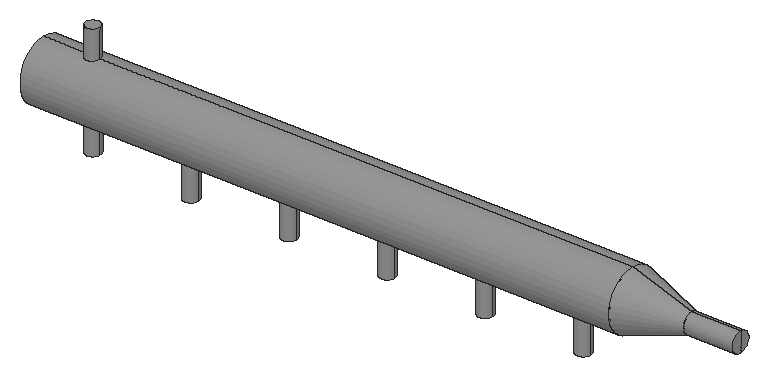
Revit family "Алсель_Коллектора_Стальные", category Соединительные детали трубопроводов, Revit 2016
Family settings
  Тип детали = Мультипорт
  Размер круглого соединителя = Использовать диаметр
  На основе рабочей плоскости = Да
  Всегда вертикально = Нет
  При загрузке вырезать с полостями = Нет
  Общий = Нет
Parameters (values of type "Коллектор стальной Ду50х3/4 нр+5 вых 1/2 нр")
  Default Elevation = 1500 mm
  Количество_Выходов = 5
  ДлинаБоковыхПатрубков = 58 mm
  Длина_Выходов = 65 mm  # constant formula
  L_ДлинаРезьбы = 15 mm
  L2_ДлинаОголовка = 50 mm  # constant formula
  L2_L1 = L2_ДлинаОголовка + 60 mm  # 110 mm
  G'_Диаметр_Выходов = 15 mm  # constant formula
  Выход_9 = if(Количество_Выходов > 8.9, 800 mm, 0 mm)  # 0 mm
  Выход_8 = if(Количество_Выходов > 7.9, 700 mm, 0 mm)  # 0 mm
  Выход_7 = if(Количество_Выходов > 6.9, 600 mm, 0 mm)  # 0 mm
  Выход_6 = if(Количество_Выходов > 5.9, 500 mm, 0 mm)  # 0 mm
  Выход_5 = if(Количество_Выходов > 4.9, 400 mm, 0 mm)  # 400 mm
  Выход_4 = if(Количество_Выходов > 3.9, 300 mm, 0 mm)  # 300 mm
  Выход_3 = if(Количество_Выходов > 2.9, 200 mm, 0 mm)  # 200 mm
  Выход_2 = if(Количество_Выходов > 1.9, 100 mm, 0 mm)  # 100 mm
  Выход_13 = if(Количество_Выходов > 12.9, 1200 mm, 0 mm)  # 0 mm
  Выход_12 = if(Количество_Выходов > 11.9, 1100 mm, 0 mm)  # 0 mm
  Выход_11 = if(Количество_Выходов > 10.9, 1000 mm, 0 mm)  # 0 mm
  Выход_10 = if(Количество_Выходов > 9.9, 900 mm, 0 mm)  # 0 mm
  L_Длина_Коллектора = if(Количество_Выходов = 1, 410 mm, if(Количество_Выходов = 2, 410 mm, if(Количество_Выходов = 3, 510 mm, if(Количество_Выходов = 4, 610 mm, if(Количество_Выходов = 5, 710 mm, if(Количество_Выходов = 6, 810 mm, if(Количество_Выходов = 7, 910 mm, if(Количество_Выходов = 8, 1010 mm, if(Количество_Выходов = 9, 1110 mm, if(Количество_Выходов = 10, 1210 mm, if(Количество_Выходов = 11, 1310 mm, if(Количество_Выходов = 12, 1410 mm, if(Количество_Выходов = 13, 1510 mm, 0 mm)))))))))))))  # 710 mm
  G_Диаметр_Входа = 20 mm
  F_Диаметр_Коннектора = 15 mm
  F_DY_БоковыхПатрубков = G'_Диаметр_Выходов  # 15 mm
  D_Диаметр_Коллектора = if(ADSK_Диаметр условный = 32 mm, 42.3 mm, if(ADSK_Диаметр условный = 40 mm, 48 mm, if(ADSK_Диаметр условный = 50 mm, 60 mm, 0 mm)))  # 60 mm
  C_Шаг_Выходов = 100 mm  # constant formula
  B_Патрубки = 50 mm
  ADSK_Страна производства = "AHLSELL_PEX – Испания, Китай"  # constant formula
  ADSK_Обозначение = ""
  ADSK_Наименование = "Коллектор стальной Ду50х3/4 нр+5 вых 1/2 нр"
  ADSK_Масса_Текст = ""
  ADSK_Код изделия = "AHL50х34-5вых"
  ADSK_Завод-изготовитель = "Алсель"  # constant formula
  ADSK_Единица измерения = "шт."  # constant formula
  ADSK_Диаметр условный = 50 mm
  ADSK_URL страницы изделия = "http://www.ahlsell.ru/"
Reference planes
  plane 1 "По центру (Вперед/Назад)": y = 0
  plane 2: z = 0
  plane 3 "По центру (Влево/Вправо)": x = 0
  plane 4: x = 710
  plane 5 "1": x = 150
  plane 6 "2": x = 250
  plane 7 "3": x = 350
  plane 8 "4": x = 450
  plane 9 "5": x = 550
  plane 10 "6": x = 150
  plane 11 "7": x = 150
  plane 12 "8": x = 150
  plane 13 "9": x = 150
  plane 14: z = 10
  plane 15: z = -10
  plane 16: z = 30
  plane 17: z = -30
  plane 18: x = 157.5
  plane 19: x = 142.5
  plane 20 "10": x = 150
  plane 21 "11": x = 150
  plane 22 "12": x = 150
  plane 23 "13": x = 150
  plane 24 "Начало Выходов": z = -65
  plane 25: x = 50
  plane 26: z = 58
  plane 27: z = -58
  plane 28: z = 43
  plane 29: z = -43
Forms (mm)
  Revolve 1, solid, material "Сталь"
    sketch origin (0, 0, 0) x (1, 0, 0) y (0, 0, 1)
      loop
        line (0, 30) -> (0, 0) -> (710, 0) -> (710, 10) -> (660, 10) -> (600, 30) -> (0, 30)
      axis (0, 0) -> (710, 0)
    angle from 0 to 360
  Extrusion 2, solid, material "Сталь"
    sketch origin (50, 0, 0) x (1, 0, 0) y (0, 1, 0)
      loop
        circle (0, 0) r 7.5
    from -58 to 58
  Extrusion 3, solid, material "Сталь"
    sketch origin (0, 0, -65) x (-1, 0, 0) y (0, -1, 0)
      loop
        circle (-150, 0) r 7.5
    from 0 to 65 <- "Длина_Выходов"
  Extrusion 4, solid, material "Сталь"
    sketch origin (0, 0, -65) x (-1, 0, 0) y (0, -1, 0)
      loop
        circle (-250, 0) r 7.5
    from 0 to 65 <- "Длина_Выходов"
  Extrusion 5, solid, material "Сталь"
    sketch origin (0, 0, -65) x (-1, 0, 0) y (0, -1, 0)
      loop
        circle (-150, 0) r 7.5
    from 0 to 65 <- "Длина_Выходов"
  Extrusion 6, solid, material "Сталь"
    sketch origin (0, 0, -65) x (-1, 0, 0) y (0, -1, 0)
      loop
        circle (-150, 0) r 7.5
    from 0 to 65 <- "Длина_Выходов"
  Extrusion 7, solid, material "Сталь"
    sketch origin (0, 0, -65) x (-1, 0, 0) y (0, -1, 0)
      loop
        circle (-450, 0) r 7.5
    from 0 to 65 <- "Длина_Выходов"
  Extrusion 8, solid, material "Сталь"
    sketch origin (0, 0, -65) x (-1, 0, 0) y (0, -1, 0)
      loop
        circle (-350, 0) r 7.5
    from 0 to 65 <- "Длина_Выходов"
  Extrusion 9, solid, material "Сталь"
    sketch origin (0, 0, -65) x (-1, 0, 0) y (0, -1, 0)
      loop
        circle (-150, 0) r 7.5
    from 0 to 65 <- "Длина_Выходов"
  Extrusion 10, solid, material "Сталь"
    sketch origin (0, 0, -65) x (-1, 0, 0) y (0, -1, 0)
      loop
        circle (-550, 0) r 7.5
    from 0 to 65 <- "Длина_Выходов"
  Extrusion 11, solid, material "Сталь"
    sketch origin (0, 0, -65) x (-1, 0, 0) y (0, -1, 0)
      loop
        circle (-150, 0) r 7.5
    from 0 to 65 <- "Длина_Выходов"
  Extrusion 12, solid, material "Сталь"
    sketch origin (0, 0, -65) x (-1, 0, 0) y (0, -1, 0)
      loop
        circle (-150, 0) r 7.5
    from 0 to 65 <- "Длина_Выходов"
  Extrusion 13, solid, material "Сталь"
    sketch origin (0, 0, -65) x (-1, 0, 0) y (0, -1, 0)
      loop
        circle (-150, 0) r 7.5
    from 0 to 65 <- "Длина_Выходов"
  Extrusion 14, solid, material "Сталь"
    sketch origin (0, 0, -65) x (-1, 0, 0) y (0, -1, 0)
      loop
        circle (-150, 0) r 7.5
    from 0 to 65 <- "Длина_Выходов"
  Extrusion 15, solid, material "Сталь"
    sketch origin (0, 0, -65) x (-1, 0, 0) y (0, -1, 0)
      loop
        circle (-150, 0) r 7.5
    from 0 to 65 <- "Длина_Выходов"
  Extrusion 16, solid, material "Сталь", not visible
    sketch origin (50, 0, 0) x (1, 0, 0) y (0, 1, 0)
      loop
        circle (0, 0) r 7.5
    from -43 to 43
Cuts and joins
  joined: Revolve 1, Extrusion 2, Extrusion 3, Extrusion 4, Extrusion 5, Extrusion 6, Extrusion 7, Extrusion 8, Extrusion 9, Extrusion 10, Extrusion 11, Extrusion 12, Extrusion 13, Extrusion 14, Extrusion 15
Dimensions and locks
  equal spacing: plane 16, level, plane 17
  "D_Диаметр_Коллектора": plane 16 to plane 17
  equal spacing: plane 14, level, plane 15
  "G_Диаметр_Входа": plane 14 to plane 15
  "L_Длина_Коллектора": plane 4 to plane 3 "По центру (Влево/Вправо)"
  "C_Шаг_Выходов": plane 5 "1" to plane 25
  equal spacing: plane 19, plane 5 "1", plane 18
  "G'_Диаметр_Выходов": plane 19 to plane 18
  "Выход_2": plane 6 "2" to plane 5 "1"
  "Выход_3": plane 7 "3" to plane 5 "1"
  "Выход_4": plane 8 "4" to plane 5 "1"
  "Выход_5": plane 9 "5" to plane 5 "1"
  "Выход_6": plane 10 "6" to plane 5 "1"
  "Выход_7": plane 11 "7" to plane 5 "1"
  "Выход_8": plane 12 "8" to plane 5 "1"
  "Выход_9": plane 13 "9" to plane 5 "1"
  "Выход_10": plane 20 "10" to plane 5 "1"
  "Выход_11": plane 21 "11" to plane 5 "1"
  "Выход_12": plane 22 "12" to plane 5 "1"
  "Выход_13": plane 23 "13" to plane 5 "1"
  "Длина_Выходов": level to plane 24 "Начало Выходов"
  "B_Патрубки": plane 3 "По центру (Влево/Вправо)" to plane 25
  equal spacing: plane 27, level, plane 26
  "L_ДлинаРезьбы": plane 28 to plane 26
  "L_ДлинаРезьбы": plane 27 to plane 29
  "ДлинаБоковыхПатрубков": plane 27 to level
  "L2_ДлинаОголовка": plane 4 to Revolve 1 sketch curve
  "L2_L1": plane 4 to Revolve 1 sketch curve
  "F_Диаметр_Коннектора": diameter of Extrusion 2 sketch curve
  "G'_Диаметр_Выходов": diameter of Extrusion 3 sketch curve
  "G'_Диаметр_Выходов": diameter of Extrusion 4 sketch curve
  "G'_Диаметр_Выходов": diameter of Extrusion 5 sketch curve
  "G'_Диаметр_Выходов": diameter of Extrusion 6 sketch curve
  "G'_Диаметр_Выходов": diameter of Extrusion 7 sketch curve
  "G'_Диаметр_Выходов": diameter of Extrusion 8 sketch curve
  "G'_Диаметр_Выходов": diameter of Extrusion 9 sketch curve
  "G'_Диаметр_Выходов": diameter of Extrusion 10 sketch curve
  "G'_Диаметр_Выходов": diameter of Extrusion 11 sketch curve
  "G'_Диаметр_Выходов": diameter of Extrusion 12 sketch curve
  "G'_Диаметр_Выходов": diameter of Extrusion 13 sketch curve
  "G'_Диаметр_Выходов": diameter of Extrusion 14 sketch curve
  "G'_Диаметр_Выходов": diameter of Extrusion 15 sketch curve
  "F_Диаметр_Коннектора": diameter of Extrusion 16 sketch curve
  aligned and locked: level to plane 2
  aligned and locked: plane 16 to Revolve 1 sketch curve
  aligned and locked: plane 2 to Revolve 1 sketch curve
  aligned and locked: plane 4 to Revolve 1 sketch curve
  aligned and locked: Revolve 1 sketch curve to plane 14
  aligned and locked: Revolve 1 sketch curve to plane 2
  aligned and locked: plane 11 "7" to Extrusion 3 sketch curve
  aligned and locked: plane 1 "По центру (Вперед/Назад)" to Extrusion 3 sketch curve
  aligned and locked: plane 12 "8" to Extrusion 9 sketch curve
  aligned and locked: plane 13 "9" to Extrusion 15 sketch curve
  aligned and locked: plane 20 "10" to Extrusion 13 sketch curve
  aligned and locked: plane 21 "11" to Extrusion 14 sketch curve
  aligned and locked: plane 22 "12" to Extrusion 12 sketch curve
  aligned and locked: plane 23 "13" to Extrusion 11 sketch curve
  aligned and locked: plane 10 "6" to Extrusion 5 sketch curve
  aligned and locked: plane 9 "5" to Extrusion 10 sketch curve
  aligned and locked: plane 8 "4" to Extrusion 7 sketch curve
  aligned and locked: plane 7 "3" to Extrusion 8 sketch curve
  aligned and locked: Revolve 1 sketch curve to plane 3 "По центру (Влево/Вправо)"
  aligned and locked: plane 28 to Extrusion 16
  aligned and locked: Extrusion 16 to plane 29
  aligned and locked: Extrusion 2 to plane 27
  aligned and locked: plane 26 to Extrusion 2
Automatic sketch dimensions
  Revolve 1 sketch curve to plane 3 "По центру (Влево/Вправо)" = 95 mm
  Revolve 1 sketch curve to Revolve 1 sketch curve = 145.665 mm
  plane 1 "По центру (Вперед/Назад)" to Extrusion 2 sketch curve = 0 mm
  Extrusion 2 sketch curve to plane 25 = 0 mm
  plane 1 "По центру (Вперед/Назад)" to Extrusion 4 sketch curve = 0 mm
  Extrusion 4 sketch curve to plane 6 "2" = 0 mm
  plane 1 "По центру (Вперед/Назад)" to Extrusion 5 sketch curve = 0 mm
  plane 1 "По центру (Вперед/Назад)" to Extrusion 6 sketch curve = 0 mm
  Extrusion 6 sketch curve to plane 5 "1" = 0 mm
  plane 1 "По центру (Вперед/Назад)" to Extrusion 7 sketch curve = 0 mm
  plane 1 "По центру (Вперед/Назад)" to Extrusion 8 sketch curve = 0 mm
  plane 1 "По центру (Вперед/Назад)" to Extrusion 9 sketch curve = 0 mm
  plane 1 "По центру (Вперед/Назад)" to Extrusion 10 sketch curve = 0 mm
  plane 1 "По центру (Вперед/Назад)" to Extrusion 11 sketch curve = 0 mm
  plane 1 "По центру (Вперед/Назад)" to Extrusion 12 sketch curve = 0 mm
  plane 1 "По центру (Вперед/Назад)" to Extrusion 13 sketch curve = 0 mm
  plane 1 "По центру (Вперед/Назад)" to Extrusion 14 sketch curve = 0 mm
  plane 1 "По центру (Вперед/Назад)" to Extrusion 15 sketch curve = 0 mm
  plane 1 "По центру (Вперед/Назад)" to Extrusion 16 sketch curve = 0 mm
  Extrusion 16 sketch curve to plane 25 = 0 mm
Connectors
  piping at (150, 0, -65), diameter 15, driven by "G'_Диаметр_Выходов"
    settings: on cut or joined group 1 (Revolve 1, Extrusion 2, Extrusion 3, Extrusion 4, Extrusion 5, Extrusion 6, Extrusion 7, Extrusion 8, Extrusion 9, Extrusion 10, Extrusion 11, Extrusion 12, Extrusion 13, Extrusion 14, Extrusion 15), index 1, connector inside diameter 609.6 mm, connector length 0 mm, flow factor 0, pipe flow 0.0 L/s, pressure drop 0.0 Pa, fitting loss kfactor 0, connector angle 0.00°, fixture units 0, engagement length 0 mm, angle of deflection 0.00°, flow configuration 0, flow direction 0, fitting loss method 0, system type 28, joint type 0, gender type 0, connector reference index -1, connector utility 0, adjustable connector no, is connector primary yes, connector description ""
  piping at (250, 0, -65), diameter 15, driven by "G'_Диаметр_Выходов"
    settings: on cut or joined group 1, index 2, connector inside diameter 609.6 mm, connector length 0 mm, flow factor 0, pipe flow 0.0 L/s, pressure drop 0.0 Pa, fitting loss kfactor 0, connector angle 0.00°, fixture units 0, engagement length 0 mm, angle of deflection 0.00°, flow configuration 0, flow direction 0, fitting loss method 0, system type 28, joint type 0, gender type 0, connector reference index -1, connector utility 0, adjustable connector no, is connector primary no, connector description ""
  piping at (150, 0, -65), diameter 15, driven by "G'_Диаметр_Выходов"
    settings: on cut or joined group 1, index 3, connector inside diameter 609.6 mm, connector length 0 mm, flow factor 0, pipe flow 0.0 L/s, pressure drop 0.0 Pa, fitting loss kfactor 0, connector angle 0.00°, fixture units 0, engagement length 0 mm, angle of deflection 0.00°, flow configuration 0, flow direction 0, fitting loss method 0, system type 28, joint type 0, gender type 0, connector reference index -1, connector utility 0, adjustable connector no, is connector primary no, connector description ""
  piping at (150, 0, -65), diameter 15, driven by "G'_Диаметр_Выходов"
    settings: on cut or joined group 1, index 4, connector inside diameter 609.6 mm, connector length 0 mm, flow factor 0, pipe flow 0.0 L/s, pressure drop 0.0 Pa, fitting loss kfactor 0, connector angle 0.00°, fixture units 0, engagement length 0 mm, angle of deflection 0.00°, flow configuration 0, flow direction 0, fitting loss method 0, system type 29, joint type 0, gender type 0, connector reference index -1, connector utility 0, adjustable connector no, is connector primary no, connector description ""
  piping at (450, 0, -65), diameter 15, driven by "G'_Диаметр_Выходов"
    settings: on cut or joined group 1, index 5, connector inside diameter 609.6 mm, connector length 0 mm, flow factor 0, pipe flow 0.0 L/s, pressure drop 0.0 Pa, fitting loss kfactor 0, connector angle 0.00°, fixture units 0, engagement length 0 mm, angle of deflection 0.00°, flow configuration 0, flow direction 0, fitting loss method 0, system type 28, joint type 0, gender type 0, connector reference index -1, connector utility 0, adjustable connector no, is connector primary no, connector description ""
  piping at (350, 0, -65), diameter 15, driven by "G'_Диаметр_Выходов"
    settings: on cut or joined group 1, index 6, connector inside diameter 609.6 mm, connector length 0 mm, flow factor 0, pipe flow 0.0 L/s, pressure drop 0.0 Pa, fitting loss kfactor 0, connector angle 0.00°, fixture units 0, engagement length 0 mm, angle of deflection 0.00°, flow configuration 0, flow direction 0, fitting loss method 0, system type 28, joint type 0, gender type 0, connector reference index -1, connector utility 0, adjustable connector no, is connector primary no, connector description ""
  piping at (150, 0, -65), diameter 15, driven by "G'_Диаметр_Выходов"
    settings: on cut or joined group 1, index 7, connector inside diameter 609.6 mm, connector length 0 mm, flow factor 0, pipe flow 0.0 L/s, pressure drop 0.0 Pa, fitting loss kfactor 0, connector angle 0.00°, fixture units 0, engagement length 0 mm, angle of deflection 0.00°, flow configuration 0, flow direction 0, fitting loss method 0, system type 28, joint type 0, gender type 0, connector reference index -1, connector utility 0, adjustable connector no, is connector primary no, connector description ""
  piping at (550, 0, -65), diameter 15, driven by "G'_Диаметр_Выходов"
    settings: on cut or joined group 1, index 8, connector inside diameter 609.6 mm, connector length 0 mm, flow factor 0, pipe flow 0.0 L/s, pressure drop 0.0 Pa, fitting loss kfactor 0, connector angle 0.00°, fixture units 0, engagement length 0 mm, angle of deflection 0.00°, flow configuration 0, flow direction 0, fitting loss method 0, system type 28, joint type 0, gender type 0, connector reference index -1, connector utility 0, adjustable connector no, is connector primary no, connector description ""
  piping at (150, 0, -65), diameter 15, driven by "G'_Диаметр_Выходов"
    settings: on cut or joined group 1, index 9, connector inside diameter 609.6 mm, connector length 0 mm, flow factor 0, pipe flow 0.0 L/s, pressure drop 0.0 Pa, fitting loss kfactor 0, connector angle 0.00°, fixture units 0, engagement length 0 mm, angle of deflection 0.00°, flow configuration 0, flow direction 0, fitting loss method 0, system type 29, joint type 0, gender type 0, connector reference index -1, connector utility 0, adjustable connector no, is connector primary no, connector description ""
  piping at (150, 0, -65), diameter 15, driven by "G'_Диаметр_Выходов"
    settings: on cut or joined group 1, index 10, connector inside diameter 609.6 mm, connector length 0 mm, flow factor 0, pipe flow 0.0 L/s, pressure drop 0.0 Pa, fitting loss kfactor 0, connector angle 0.00°, fixture units 0, engagement length 0 mm, angle of deflection 0.00°, flow configuration 0, flow direction 0, fitting loss method 0, system type 29, joint type 0, gender type 0, connector reference index -1, connector utility 0, adjustable connector no, is connector primary no, connector description ""
  piping at (150, 0, -65), diameter 15, driven by "G'_Диаметр_Выходов"
    settings: on cut or joined group 1, index 11, connector inside diameter 609.6 mm, connector length 0 mm, flow factor 0, pipe flow 0.0 L/s, pressure drop 0.0 Pa, fitting loss kfactor 0, connector angle 0.00°, fixture units 0, engagement length 0 mm, angle of deflection 0.00°, flow configuration 0, flow direction 0, fitting loss method 0, system type 29, joint type 0, gender type 0, connector reference index -1, connector utility 0, adjustable connector no, is connector primary no, connector description ""
  piping at (150, 0, -65), diameter 15, driven by "G'_Диаметр_Выходов"
    settings: on cut or joined group 1, index 12, connector inside diameter 609.6 mm, connector length 0 mm, flow factor 0, pipe flow 0.0 L/s, pressure drop 0.0 Pa, fitting loss kfactor 0, connector angle 0.00°, fixture units 0, engagement length 0 mm, angle of deflection 0.00°, flow configuration 0, flow direction 0, fitting loss method 0, system type 28, joint type 0, gender type 0, connector reference index -1, connector utility 0, adjustable connector no, is connector primary no, connector description ""
  piping at (150, 0, -65), diameter 15, driven by "G'_Диаметр_Выходов"
    settings: on cut or joined group 1, index 13, connector inside diameter 609.6 mm, connector length 0 mm, flow factor 0, pipe flow 0.0 L/s, pressure drop 0.0 Pa, fitting loss kfactor 0, connector angle 0.00°, fixture units 0, engagement length 0 mm, angle of deflection 0.00°, flow configuration 0, flow direction 0, fitting loss method 0, system type 28, joint type 0, gender type 0, connector reference index -1, connector utility 0, adjustable connector no, is connector primary no, connector description ""
  piping at (710, 0, 0), diameter 20, driven by "G_Диаметр_Входа"
    settings: on cut or joined group 1, index 14, connector inside diameter 609.6 mm, connector length 0 mm, flow factor 0, pipe flow 0.0 L/s, pressure drop 0.0 Pa, fitting loss kfactor 0, connector angle 0.00°, fixture units 0, engagement length 0 mm, angle of deflection 0.00°, flow configuration 0, flow direction 0, fitting loss method 0, system type 28, joint type 0, gender type 0, connector reference index -1, connector utility 0, adjustable connector no, is connector primary no, connector description ""
  piping at (50, 0, 43), diameter 15, driven by "F_DY_БоковыхПатрубков"
    settings: on Extrusion 16, index 15, connector inside diameter 609.6 mm, connector length 0 mm, flow factor 0, pipe flow 0.0 L/s, pressure drop 0.0 Pa, fitting loss kfactor 0, connector angle 0.00°, fixture units 0, engagement length 0 mm, angle of deflection 0.00°, flow configuration 0, flow direction 0, fitting loss method 0, system type 29, joint type 0, gender type 0, connector reference index -1, connector utility 0, adjustable connector no, is connector primary no, connector description ""
  piping at (50, 0, -43), diameter 15, driven by "F_DY_БоковыхПатрубков"
    settings: on Extrusion 16, index 16, connector inside diameter 609.6 mm, connector length 0 mm, flow factor 0, pipe flow 0.0 L/s, pressure drop 0.0 Pa, fitting loss kfactor 0, connector angle 0.00°, fixture units 0, engagement length 0 mm, angle of deflection 0.00°, flow configuration 0, flow direction 0, fitting loss method 0, system type 28, joint type 0, gender type 0, connector reference index -1, connector utility 0, adjustable connector no, is connector primary no, connector description ""
Types (157, lengths in mm): name | Количество_Выходов | ДлинаБоковыхПатрубков | Выход_9 | Выход_8 | Выход_7 | Выход_6 | Выход_5 | Выход_4 | Выход_3 | Выход_13 | Выход_12 | Выход_11 | Выход_10 | L_Длина_Коллектора | G_Диаметр_Входа | D_Диаметр_Коллектора | ADSK_Наименование | ADSK_Код изделия | ADSK_Диаметр условный
  (no name) | 5 | 58 | 0 | 0 | 0 | 0 | 400 | 300 | 200 | 0 | 0 | 0 | 0 | 710 | 20 | 60 | "Коллектор стальной Ду50х3/4 нр+5 вых 1/2 нр" | "AHL50х34-5вых" | 50
  Коллектор стальной Ду32х1/2 нр+10 вых 1/2 нр | 10 | 58 | 800 | 700 | 600 | 500 | 400 | 300 | 200 | 0 | 0 | 0 | 900 | 1210 | 15 | 42.3 | "Коллектор стальной Ду32х1/2 нр+10 вых 1/2 нр" | "AHL32х12-10вых" | 32
  Коллектор стальной Ду32х1/2 нр+11 вых 1/2 нр | 11 | 58 | 800 | 700 | 600 | 500 | 400 | 300 | 200 | 0 | 0 | 1000 | 900 | 1310 | 15 | 42.3 | "Коллектор стальной Ду32х1/2 нр+11 вых 1/2 нр" | "AHL32х12-11вых" | 32
  Коллектор стальной Ду32х1/2 нр+12 вых 1/2 нр | 12 | 58 | 800 | 700 | 600 | 500 | 400 | 300 | 200 | 0 | 1100 | 1000 | 900 | 1410 | 15 | 42.3 | "Коллектор стальной Ду32х1/2 нр+12 вых 1/2 нр" | "AHL32х12-12вых" | 32
  Коллектор стальной Ду32х1/2 нр+13 вых 1/2 нр | 13 | 58 | 800 | 700 | 600 | 500 | 400 | 300 | 200 | 1200 | 1100 | 1000 | 900 | 1510 | 15 | 42.3 | "Коллектор стальной Ду32х1/2 нр+13 вых 1/2 нр" | "AHL32х12-13вых" | 32
  Коллектор стальной Ду32х1/2 нр+2 вых 1/2 нр | 2 | 55 | 0 | 0 | 0 | 0 | 0 | 0 | 0 | 0 | 0 | 0 | 0 | 410 | 15 | 42.3 | "Коллектор стальной Ду32х1/2 нр+2 вых 1/2 нр" | "AHL32х12-2вых" | 32
  Коллектор стальной Ду32х1/2 нр+3 вых 1/2 нр | 3 | 58 | 0 | 0 | 0 | 0 | 0 | 0 | 200 | 0 | 0 | 0 | 0 | 510 | 15 | 42.3 | "Коллектор стальной Ду32х1/2 нр+3 вых 1/2 нр" | "AHL32х12-3вых" | 32
  Коллектор стальной Ду32х1/2 нр+4 вых 1/2 нр | 4 | 58 | 0 | 0 | 0 | 0 | 0 | 300 | 200 | 0 | 0 | 0 | 0 | 610 | 15 | 42.3 | "Коллектор стальной Ду32х1/2 нр+4 вых 1/2 нр" | "AHL32х12-4вых" | 32
  Коллектор стальной Ду32х1/2 нр+5 вых 1/2 нр | 5 | 58 | 0 | 0 | 0 | 0 | 400 | 300 | 200 | 0 | 0 | 0 | 0 | 710 | 15 | 42.3 | "Коллектор стальной Ду32х1/2 нр+5 вых 1/2 нр" | "AHL32х12-5вых" | 32
  Коллектор стальной Ду32х1/2 нр+6 вых 1/2 нр | 6 | 58 | 0 | 0 | 0 | 500 | 400 | 300 | 200 | 0 | 0 | 0 | 0 | 810 | 15 | 42.3 | "Коллектор стальной Ду32х1/2 нр+6 вых 1/2 нр" | "AHL32х12-6вых" | 32
  Коллектор стальной Ду32х1/2 нр+7 вых 1/2 нр | 7 | 58 | 0 | 0 | 600 | 500 | 400 | 300 | 200 | 0 | 0 | 0 | 0 | 910 | 15 | 42.3 | "Коллектор стальной Ду32х1/2 нр+7 вых 1/2 нр" | "AHL32х12-7вых" | 32
  Коллектор стальной Ду32х1/2 нр+8 вых 1/2 нр | 8 | 58 | 0 | 700 | 600 | 500 | 400 | 300 | 200 | 0 | 0 | 0 | 0 | 1010 | 15 | 42.3 | "Коллектор стальной Ду32х1/2 нр+8 вых 1/2 нр" | "AHL32х12-8вых" | 32
  Коллектор стальной Ду32х1/2 нр+9 вых 1/2 нр | 9 | 58 | 800 | 700 | 600 | 500 | 400 | 300 | 200 | 0 | 0 | 0 | 0 | 1110 | 15 | 42.3 | "Коллектор стальной Ду32х1/2 нр+9 вых 1/2 нр" | "AHL32х12-9вых" | 32
  Коллектор стальной Ду32х3/4 нр+10 вых 1/2 нр | 10 | 58 | 800 | 700 | 600 | 500 | 400 | 300 | 200 | 0 | 0 | 0 | 900 | 1210 | 20 | 42.3 | "Коллектор стальной Ду32х3/4 нр+10 вых 1/2 нр" | "AHL32х34-10вых" | 32
  Коллектор стальной Ду32х3/4 нр+11 вых 1/2 нр | 11 | 58 | 800 | 700 | 600 | 500 | 400 | 300 | 200 | 0 | 0 | 1000 | 900 | 1310 | 20 | 42.3 | "Коллектор стальной Ду32х3/4 нр+11 вых 1/2 нр" | "AHL32х34-11вых" | 32
  Коллектор стальной Ду32х3/4 нр+12 вых 1/2 нр | 12 | 58 | 800 | 700 | 600 | 500 | 400 | 300 | 200 | 0 | 1100 | 1000 | 900 | 1410 | 20 | 42.3 | "Коллектор стальной Ду32х3/4 нр+12 вых 1/2 нр" | "AHL32х34-12вых" | 32
  Коллектор стальной Ду32х3/4 нр+13 вых 1/2 нр | 13 | 58 | 800 | 700 | 600 | 500 | 400 | 300 | 200 | 1200 | 1100 | 1000 | 900 | 1510 | 20 | 42.3 | "Коллектор стальной Ду32х3/4 нр+13 вых 1/2 нр" | "AHL32х34-13вых" | 32
  Коллектор стальной Ду32х3/4 нр+2 вых 1/2 нр | 2 | 58 | 0 | 0 | 0 | 0 | 0 | 0 | 0 | 0 | 0 | 0 | 0 | 410 | 20 | 42.3 | "Коллектор стальной Ду32х3/4 нр+2 вых 1/2 нр" | "AHL32х34-2вых" | 32
  Коллектор стальной Ду32х3/4 нр+3 вых 1/2 нр | 3 | 58 | 0 | 0 | 0 | 0 | 0 | 0 | 200 | 0 | 0 | 0 | 0 | 510 | 20 | 42.3 | "Коллектор стальной Ду32х3/4 нр+3 вых 1/2 нр" | "AHL32х34-3вых" | 32
  Коллектор стальной Ду32х3/4 нр+4 вых 1/2 нр | 4 | 58 | 0 | 0 | 0 | 0 | 0 | 300 | 200 | 0 | 0 | 0 | 0 | 610 | 20 | 42.3 | "Коллектор стальной Ду32х3/4 нр+4 вых 1/2 нр" | "AHL32х34-4вых" | 32
  Коллектор стальной Ду32х3/4 нр+5 вых 1/2 нр | 5 | 58 | 0 | 0 | 0 | 0 | 400 | 300 | 200 | 0 | 0 | 0 | 0 | 710 | 20 | 42.3 | "Коллектор стальной Ду32х3/4 нр+5 вых 1/2 нр" | "AHL32х34-5вых" | 32
  Коллектор стальной Ду32х3/4 нр+6 вых 1/2 нр | 6 | 58 | 0 | 0 | 0 | 500 | 400 | 300 | 200 | 0 | 0 | 0 | 0 | 810 | 20 | 42.3 | "Коллектор стальной Ду32х3/4 нр+6 вых 1/2 нр" | "AHL32х34-6вых" | 32
  Коллектор стальной Ду32х3/4 нр+7 вых 1/2 нр | 7 | 58 | 0 | 0 | 600 | 500 | 400 | 300 | 200 | 0 | 0 | 0 | 0 | 910 | 20 | 42.3 | "Коллектор стальной Ду32х3/4 нр+7 вых 1/2 нр" | "AHL32х34-7вых" | 32
  Коллектор стальной Ду32х3/4 нр+8 вых 1/2 нр | 8 | 58 | 0 | 700 | 600 | 500 | 400 | 300 | 200 | 0 | 0 | 0 | 0 | 1010 | 20 | 42.3 | "Коллектор стальной Ду32х3/4 нр+8 вых 1/2 нр" | "AHL32х34-8вых" | 32
  Коллектор стальной Ду32х3/4 нр+9 вых 1/2 нр | 9 | 58 | 800 | 700 | 600 | 500 | 400 | 300 | 200 | 0 | 0 | 0 | 0 | 1110 | 20 | 42.3 | "Коллектор стальной Ду32х3/4 нр+9 вых 1/2 нр" | "AHL32х34-9вых" | 32
  Коллектор стальной Ду40х1 нр+10 вых 1/2 нр | 10 | 58 | 800 | 700 | 600 | 500 | 400 | 300 | 200 | 0 | 0 | 0 | 900 | 1210 | 25 | 48 | "Коллектор стальной Ду40х1 нр+10 вых 1/2 нр" | "AHL40х1-10вых" | 40
  Коллектор стальной Ду40х1 нр+11 вых 1/2 нр | 11 | 58 | 800 | 700 | 600 | 500 | 400 | 300 | 200 | 0 | 0 | 1000 | 900 | 1310 | 25 | 48 | "Коллектор стальной Ду40х1 нр+11 вых 1/2 нр" | "AHL40х1-11вых" | 40
  Коллектор стальной Ду40х1 нр+12 вых 1/2 нр | 12 | 58 | 800 | 700 | 600 | 500 | 400 | 300 | 200 | 0 | 1100 | 1000 | 900 | 1410 | 25 | 48 | "Коллектор стальной Ду40х1 нр+12 вых 1/2 нр" | "AHL40х1-12вых" | 40
  Коллектор стальной Ду40х1 нр+13 вых 1/2 нр | 13 | 58 | 800 | 700 | 600 | 500 | 400 | 300 | 200 | 1200 | 1100 | 1000 | 900 | 1510 | 25 | 48 | "Коллектор стальной Ду40х1 нр+13 вых 1/2 нр" | "AHL40х1-13вых" | 40
  Коллектор стальной Ду40х1 нр+2 вых 1/2 нр | 2 | 58 | 0 | 0 | 0 | 0 | 0 | 0 | 0 | 0 | 0 | 0 | 0 | 410 | 25 | 48 | "Коллектор стальной Ду40х1 нр+2 вых 1/2 нр" | "AHL40х1-2вых" | 40
  Коллектор стальной Ду40х1 нр+3 вых 1/2 нр | 3 | 58 | 0 | 0 | 0 | 0 | 0 | 0 | 200 | 0 | 0 | 0 | 0 | 510 | 25 | 48 | "Коллектор стальной Ду40х1 нр+3 вых 1/2 нр" | "AHL40х1-3вых" | 40
  Коллектор стальной Ду40х1 нр+4 вых 1/2 нр | 4 | 58 | 0 | 0 | 0 | 0 | 0 | 300 | 200 | 0 | 0 | 0 | 0 | 610 | 25 | 48 | "Коллектор стальной Ду40х1 нр+4 вых 1/2 нр" | "AHL40х1-4вых" | 40
  Коллектор стальной Ду40х1 нр+5 вых 1/2 нр | 5 | 58 | 0 | 0 | 0 | 0 | 400 | 300 | 200 | 0 | 0 | 0 | 0 | 710 | 25 | 48 | "Коллектор стальной Ду40х1 нр+5 вых 1/2 нр" | "AHL40х1-5вых" | 40
  Коллектор стальной Ду40х1 нр+6 вых 1/2 нр | 6 | 58 | 0 | 0 | 0 | 500 | 400 | 300 | 200 | 0 | 0 | 0 | 0 | 810 | 25 | 48 | "Коллектор стальной Ду40х1 нр+6 вых 1/2 нр" | "AHL40х1-6вых" | 40
  Коллектор стальной Ду40х1 нр+7 вых 1/2 нр | 7 | 58 | 0 | 0 | 600 | 500 | 400 | 300 | 200 | 0 | 0 | 0 | 0 | 910 | 25 | 48 | "Коллектор стальной Ду40х1 нр+7 вых 1/2 нр" | "AHL40х1-7вых" | 40
  Коллектор стальной Ду40х1 нр+8 вых 1/2 нр | 8 | 58 | 0 | 700 | 600 | 500 | 400 | 300 | 200 | 0 | 0 | 0 | 0 | 1010 | 25 | 48 | "Коллектор стальной Ду40х1 нр+8 вых 1/2 нр" | "AHL40х1-8вых" | 40
  Коллектор стальной Ду40х1 нр+9 вых 1/2 нр | 9 | 58 | 800 | 700 | 600 | 500 | 400 | 300 | 200 | 0 | 0 | 0 | 0 | 1110 | 25 | 48 | "Коллектор стальной Ду40х1 нр+9 вых 1/2 нр" | "AHL40х1-9вых" | 40
  Коллектор стальной Ду40х1/2 нр+10 вых 1/2 нр | 10 | 58 | 800 | 700 | 600 | 500 | 400 | 300 | 200 | 0 | 0 | 0 | 900 | 1210 | 15 | 48 | "Коллектор стальной Ду40х1/2 нр+10 вых 1/2 нр" | "AHL40х12-10вых" | 40
  Коллектор стальной Ду40х1/2 нр+11 вых 1/2 нр | 11 | 58 | 800 | 700 | 600 | 500 | 400 | 300 | 200 | 0 | 0 | 1000 | 900 | 1310 | 15 | 48 | "Коллектор стальной Ду40х1/2 нр+11 вых 1/2 нр" | "AHL40х12-11вых" | 40
  Коллектор стальной Ду40х1/2 нр+12 вых 1/2 нр | 12 | 58 | 800 | 700 | 600 | 500 | 400 | 300 | 200 | 0 | 1100 | 1000 | 900 | 1410 | 15 | 48 | "Коллектор стальной Ду40х1/2 нр+12 вых 1/2 нр" | "AHL40х12-12вых" | 40
  Коллектор стальной Ду40х1/2 нр+13 вых 1/2 нр | 13 | 58 | 800 | 700 | 600 | 500 | 400 | 300 | 200 | 1200 | 1100 | 1000 | 900 | 1510 | 15 | 48 | "Коллектор стальной Ду40х1/2 нр+13 вых 1/2 нр" | "AHL40х12-13вых" | 40
  Коллектор стальной Ду40х1/2 нр+2 вых 1/2 нр | 2 | 58 | 0 | 0 | 0 | 0 | 0 | 0 | 0 | 0 | 0 | 0 | 0 | 410 | 15 | 48 | "Коллектор стальной Ду40х1/2 нр+2 вых 1/2 нр" | "AHL40х12-2вых" | 40
  Коллектор стальной Ду40х1/2 нр+3 вых 1/2 нр | 3 | 58 | 0 | 0 | 0 | 0 | 0 | 0 | 200 | 0 | 0 | 0 | 0 | 510 | 15 | 48 | "Коллектор стальной Ду40х1/2 нр+3 вых 1/2 нр" | "AHL40х12-3вых" | 40
  Коллектор стальной Ду40х1/2 нр+4 вых 1/2 нр | 4 | 58 | 0 | 0 | 0 | 0 | 0 | 300 | 200 | 0 | 0 | 0 | 0 | 610 | 15 | 48 | "Коллектор стальной Ду40х1/2 нр+4 вых 1/2 нр" | "AHL40х12-4вых" | 40
  Коллектор стальной Ду40х1/2 нр+5 вых 1/2 нр | 5 | 58 | 0 | 0 | 0 | 0 | 400 | 300 | 200 | 0 | 0 | 0 | 0 | 710 | 15 | 48 | "Коллектор стальной Ду40х1/2 нр+5 вых 1/2 нр" | "AHL40х12-5вых" | 40
  Коллектор стальной Ду40х1/2 нр+6 вых 1/2 нр | 6 | 58 | 0 | 0 | 0 | 500 | 400 | 300 | 200 | 0 | 0 | 0 | 0 | 810 | 15 | 48 | "Коллектор стальной Ду40х1/2 нр+6 вых 1/2 нр" | "AHL40х12-6вых" | 40
  Коллектор стальной Ду40х1/2 нр+7 вых 1/2 нр | 7 | 58 | 0 | 0 | 600 | 500 | 400 | 300 | 200 | 0 | 0 | 0 | 0 | 910 | 15 | 48 | "Коллектор стальной Ду40х1/2 нр+7 вых 1/2 нр" | "AHL40х12-7вых" | 40
  Коллектор стальной Ду40х1/2 нр+8 вых 1/2 нр | 8 | 58 | 0 | 700 | 600 | 500 | 400 | 300 | 200 | 0 | 0 | 0 | 0 | 1010 | 15 | 48 | "Коллектор стальной Ду40х1/2 нр+8 вых 1/2 нр" | "AHL40х12-8вых" | 40
  Коллектор стальной Ду40х1/2 нр+9 вых 1/2 нр | 9 | 58 | 800 | 700 | 600 | 500 | 400 | 300 | 200 | 0 | 0 | 0 | 0 | 1110 | 15 | 48 | "Коллектор стальной Ду40х1/2 нр+9 вых 1/2 нр" | "AHL40х12-9вых" | 40
  Коллектор стальной Ду40х11/2 нр+10 вых 1/2 нр | 10 | 58 | 800 | 700 | 600 | 500 | 400 | 300 | 200 | 0 | 0 | 0 | 900 | 1210 | 40 | 48 | "Коллектор стальной Ду40х11/2 нр+10 вых 1/2 нр" | "AHL40х11/2-10вых" | 40
  Коллектор стальной Ду40х11/2 нр+11 вых 1/2 нр | 11 | 58 | 800 | 700 | 600 | 500 | 400 | 300 | 200 | 0 | 0 | 1000 | 900 | 1310 | 40 | 48 | "Коллектор стальной Ду40х11/2 нр+11 вых 1/2 нр" | "AHL40х11/2-11вых" | 40
  Коллектор стальной Ду40х11/2 нр+12 вых 1/2 нр | 12 | 58 | 800 | 700 | 600 | 500 | 400 | 300 | 200 | 0 | 1100 | 1000 | 900 | 1410 | 40 | 48 | "Коллектор стальной Ду40х11/2 нр+12 вых 1/2 нр" | "AHL40х11/2-12вых" | 40
  Коллектор стальной Ду40х11/2 нр+13 вых 1/2 нр | 13 | 58 | 800 | 700 | 600 | 500 | 400 | 300 | 200 | 1200 | 1100 | 1000 | 900 | 1510 | 40 | 48 | "Коллектор стальной Ду40х11/2 нр+13 вых 1/2 нр" | "AHL40х11/2-13вых" | 40
  Коллектор стальной Ду40х11/2 нр+2 вых 1/2 нр | 2 | 58 | 0 | 0 | 0 | 0 | 0 | 0 | 0 | 0 | 0 | 0 | 0 | 410 | 40 | 48 | "Коллектор стальной Ду40х11/2 нр+2 вых 1/2 нр" | "AHL40х11/2-2вых" | 40
  Коллектор стальной Ду40х11/2 нр+3 вых 1/2 нр | 3 | 58 | 0 | 0 | 0 | 0 | 0 | 0 | 200 | 0 | 0 | 0 | 0 | 510 | 40 | 48 | "Коллектор стальной Ду40х11/2 нр+3 вых 1/2 нр" | "AHL40х11/2-3вых" | 40
  Коллектор стальной Ду40х11/2 нр+4 вых 1/2 нр | 4 | 58 | 0 | 0 | 0 | 0 | 0 | 300 | 200 | 0 | 0 | 0 | 0 | 610 | 40 | 48 | "Коллектор стальной Ду40х11/2 нр+4 вых 1/2 нр" | "AHL40х11/2-4вых" | 40
  Коллектор стальной Ду40х11/2 нр+5 вых 1/2 нр | 5 | 58 | 0 | 0 | 0 | 0 | 400 | 300 | 200 | 0 | 0 | 0 | 0 | 710 | 40 | 48 | "Коллектор стальной Ду40х11/2 нр+5 вых 1/2 нр" | "AHL40х11/2-5вых" | 40
  Коллектор стальной Ду40х11/2 нр+6 вых 1/2 нр | 6 | 58 | 0 | 0 | 0 | 500 | 400 | 300 | 200 | 0 | 0 | 0 | 0 | 810 | 40 | 48 | "Коллектор стальной Ду40х11/2 нр+6 вых 1/2 нр" | "AHL40х11/2-6вых" | 40
  Коллектор стальной Ду40х11/2 нр+7 вых 1/2 нр | 7 | 58 | 0 | 0 | 600 | 500 | 400 | 300 | 200 | 0 | 0 | 0 | 0 | 910 | 40 | 48 | "Коллектор стальной Ду40х11/2 нр+7 вых 1/2 нр" | "AHL40х11/2-7вых" | 40
  Коллектор стальной Ду40х11/2 нр+8 вых 1/2 нр | 8 | 58 | 0 | 700 | 600 | 500 | 400 | 300 | 200 | 0 | 0 | 0 | 0 | 1010 | 40 | 48 | "Коллектор стальной Ду40х11/2 нр+8 вых 1/2 нр" | "AHL40х11/2-8вых" | 40
  Коллектор стальной Ду40х11/2 нр+9 вых 1/2 нр | 9 | 58 | 800 | 700 | 600 | 500 | 400 | 300 | 200 | 0 | 0 | 0 | 0 | 1110 | 40 | 48 | "Коллектор стальной Ду40х11/2 нр+9 вых 1/2 нр" | "AHL40х11/2-9вых" | 40
  Коллектор стальной Ду40х11/4 нр+10 вых 1/2 нр | 10 | 58 | 800 | 700 | 600 | 500 | 400 | 300 | 200 | 0 | 0 | 0 | 900 | 1210 | 32 | 48 | "Коллектор стальной Ду40х11/4 нр+10 вых 1/2 нр" | "AHL40х11/4-10вых" | 40
  Коллектор стальной Ду40х11/4 нр+11 вых 1/2 нр | 11 | 58 | 800 | 700 | 600 | 500 | 400 | 300 | 200 | 0 | 0 | 1000 | 900 | 1310 | 32 | 48 | "Коллектор стальной Ду40х11/4 нр+11 вых 1/2 нр" | "AHL40х11/4-11вых" | 40
  Коллектор стальной Ду40х11/4 нр+12 вых 1/2 нр | 12 | 58 | 800 | 700 | 600 | 500 | 400 | 300 | 200 | 0 | 1100 | 1000 | 900 | 1410 | 32 | 48 | "Коллектор стальной Ду40х11/4 нр+12 вых 1/2 нр" | "AHL40х11/4-12вых" | 40
  Коллектор стальной Ду40х11/4 нр+13 вых 1/2 нр | 13 | 58 | 800 | 700 | 600 | 500 | 400 | 300 | 200 | 1200 | 1100 | 1000 | 900 | 1510 | 32 | 48 | "Коллектор стальной Ду40х11/4 нр+13 вых 1/2 нр" | "AHL40х11/4-13вых" | 40
  Коллектор стальной Ду40х11/4 нр+2 вых 1/2 нр | 2 | 58 | 0 | 0 | 0 | 0 | 0 | 0 | 0 | 0 | 0 | 0 | 0 | 410 | 32 | 48 | "Коллектор стальной Ду40х11/4 нр+2 вых 1/2 нр" | "AHL40х11/4-2вых" | 40
  Коллектор стальной Ду40х11/4 нр+3 вых 1/2 нр | 3 | 58 | 0 | 0 | 0 | 0 | 0 | 0 | 200 | 0 | 0 | 0 | 0 | 510 | 32 | 48 | "Коллектор стальной Ду40х11/4 нр+3 вых 1/2 нр" | "AHL40х11/4-3вых" | 40
  Коллектор стальной Ду40х11/4 нр+4 вых 1/2 нр | 4 | 58 | 0 | 0 | 0 | 0 | 0 | 300 | 200 | 0 | 0 | 0 | 0 | 610 | 32 | 48 | "Коллектор стальной Ду40х11/4 нр+4 вых 1/2 нр" | "AHL40х11/4-4вых" | 40
  Коллектор стальной Ду40х11/4 нр+5 вых 1/2 нр | 5 | 58 | 0 | 0 | 0 | 0 | 400 | 300 | 200 | 0 | 0 | 0 | 0 | 710 | 32 | 48 | "Коллектор стальной Ду40х11/4 нр+5 вых 1/2 нр" | "AHL40х11/4-5вых" | 40
  Коллектор стальной Ду40х11/4 нр+6 вых 1/2 нр | 6 | 58 | 0 | 0 | 0 | 500 | 400 | 300 | 200 | 0 | 0 | 0 | 0 | 810 | 32 | 48 | "Коллектор стальной Ду40х11/4 нр+6 вых 1/2 нр" | "AHL40х11/4-6вых" | 40
  Коллектор стальной Ду40х11/4 нр+7 вых 1/2 нр | 7 | 58 | 0 | 0 | 600 | 500 | 400 | 300 | 200 | 0 | 0 | 0 | 0 | 910 | 32 | 48 | "Коллектор стальной Ду40х11/4 нр+7 вых 1/2 нр" | "AHL40х11/4-7вых" | 40
  Коллектор стальной Ду40х11/4 нр+8 вых 1/2 нр | 8 | 58 | 0 | 700 | 600 | 500 | 400 | 300 | 200 | 0 | 0 | 0 | 0 | 1010 | 32 | 48 | "Коллектор стальной Ду40х11/4 нр+8 вых 1/2 нр" | "AHL40х11/4-8вых" | 40
  Коллектор стальной Ду40х11/4 нр+9 вых 1/2 нр | 9 | 58 | 800 | 700 | 600 | 500 | 400 | 300 | 200 | 0 | 0 | 0 | 0 | 1110 | 32 | 48 | "Коллектор стальной Ду40х11/4 нр+9 вых 1/2 нр" | "AHL40х11/4-9вых" | 40
  Коллектор стальной Ду40х3/4 нр+10 вых 1/2 нр | 10 | 58 | 800 | 700 | 600 | 500 | 400 | 300 | 200 | 0 | 0 | 0 | 900 | 1210 | 20 | 48 | "Коллектор стальной Ду40х3/4 нр+10 вых 1/2 нр" | "AHL40х34-10вых" | 40
  Коллектор стальной Ду40х3/4 нр+11 вых 1/2 нр | 11 | 58 | 800 | 700 | 600 | 500 | 400 | 300 | 200 | 0 | 0 | 1000 | 900 | 1310 | 20 | 48 | "Коллектор стальной Ду40х3/4 нр+11 вых 1/2 нр" | "AHL40х34-11вых" | 40
  Коллектор стальной Ду40х3/4 нр+12 вых 1/2 нр | 12 | 58 | 800 | 700 | 600 | 500 | 400 | 300 | 200 | 0 | 1100 | 1000 | 900 | 1410 | 20 | 48 | "Коллектор стальной Ду40х3/4 нр+12 вых 1/2 нр" | "AHL40х34-12вых" | 40
  Коллектор стальной Ду40х3/4 нр+13 вых 1/2 нр | 13 | 58 | 800 | 700 | 600 | 500 | 400 | 300 | 200 | 1200 | 1100 | 1000 | 900 | 1510 | 20 | 48 | "Коллектор стальной Ду40х3/4 нр+13 вых 1/2 нр" | "AHL40х34-13вых" | 40
  Коллектор стальной Ду40х3/4 нр+2 вых 1/2 нр | 2 | 58 | 0 | 0 | 0 | 0 | 0 | 0 | 0 | 0 | 0 | 0 | 0 | 410 | 20 | 48 | "Коллектор стальной Ду40х3/4 нр+2 вых 1/2 нр" | "AHL40х34-2вых" | 40
  Коллектор стальной Ду40х3/4 нр+3 вых 1/2 нр | 3 | 58 | 0 | 0 | 0 | 0 | 0 | 0 | 200 | 0 | 0 | 0 | 0 | 510 | 20 | 48 | "Коллектор стальной Ду40х3/4 нр+3 вых 1/2 нр" | "AHL40х34-3вых" | 40
  Коллектор стальной Ду40х3/4 нр+4 вых 1/2 нр | 4 | 58 | 0 | 0 | 0 | 0 | 0 | 300 | 200 | 0 | 0 | 0 | 0 | 610 | 20 | 48 | "Коллектор стальной Ду40х3/4 нр+4 вых 1/2 нр" | "AHL40х34-4вых" | 40
  Коллектор стальной Ду40х3/4 нр+5 вых 1/2 нр | 5 | 58 | 0 | 0 | 0 | 0 | 400 | 300 | 200 | 0 | 0 | 0 | 0 | 710 | 20 | 48 | "Коллектор стальной Ду40х3/4 нр+5 вых 1/2 нр" | "AHL40х34-5вых" | 40
  Коллектор стальной Ду40х3/4 нр+6 вых 1/2 нр | 6 | 58 | 0 | 0 | 0 | 500 | 400 | 300 | 200 | 0 | 0 | 0 | 0 | 810 | 20 | 48 | "Коллектор стальной Ду40х3/4 нр+6 вых 1/2 нр" | "AHL40х34-6вых" | 40
  Коллектор стальной Ду40х3/4 нр+7 вых 1/2 нр | 7 | 58 | 0 | 0 | 600 | 500 | 400 | 300 | 200 | 0 | 0 | 0 | 0 | 910 | 20 | 48 | "Коллектор стальной Ду40х3/4 нр+7 вых 1/2 нр" | "AHL40х34-7вых" | 40
  Коллектор стальной Ду40х3/4 нр+8 вых 1/2 нр | 8 | 58 | 0 | 700 | 600 | 500 | 400 | 300 | 200 | 0 | 0 | 0 | 0 | 1010 | 20 | 48 | "Коллектор стальной Ду40х3/4 нр+8 вых 1/2 нр" | "AHL40х34-8вых" | 40
  Коллектор стальной Ду40х3/4 нр+9 вых 1/2 нр | 9 | 58 | 800 | 700 | 600 | 500 | 400 | 300 | 200 | 0 | 0 | 0 | 0 | 1110 | 20 | 48 | "Коллектор стальной Ду40х3/4 нр+9 вых 1/2 нр" | "AHL40х34-9вых" | 40
  Коллектор стальной Ду50х1 нр+10 вых 1/2 нр | 10 | 58 | 800 | 700 | 600 | 500 | 400 | 300 | 200 | 0 | 0 | 0 | 900 | 1210 | 25 | 60 | "Коллектор стальной Ду50х1 нр+10 вых 1/2 нр" | "AHL50х1-10вых" | 50
  Коллектор стальной Ду50х1 нр+11 вых 1/2 нр | 11 | 58 | 800 | 700 | 600 | 500 | 400 | 300 | 200 | 0 | 0 | 1000 | 900 | 1310 | 25 | 60 | "Коллектор стальной Ду50х1 нр+11 вых 1/2 нр" | "AHL50х1-11вых" | 50
  Коллектор стальной Ду50х1 нр+12 вых 1/2 нр | 12 | 58 | 800 | 700 | 600 | 500 | 400 | 300 | 200 | 0 | 1100 | 1000 | 900 | 1410 | 25 | 60 | "Коллектор стальной Ду50х1 нр+12 вых 1/2 нр" | "AHL50х1-12вых" | 50
  Коллектор стальной Ду50х1 нр+13 вых 1/2 нр | 13 | 58 | 800 | 700 | 600 | 500 | 400 | 300 | 200 | 1200 | 1100 | 1000 | 900 | 1510 | 25 | 60 | "Коллектор стальной Ду50х1 нр+13 вых 1/2 нр" | "AHL50х1-13вых" | 50
  Коллектор стальной Ду50х1 нр+2 вых 1/2 нр | 2 | 58 | 0 | 0 | 0 | 0 | 0 | 0 | 0 | 0 | 0 | 0 | 0 | 410 | 25 | 60 | "Коллектор стальной Ду50х1 нр+2 вых 1/2 нр" | "AHL50х1-2вых" | 50
  Коллектор стальной Ду50х1 нр+3 вых 1/2 нр | 3 | 58 | 0 | 0 | 0 | 0 | 0 | 0 | 200 | 0 | 0 | 0 | 0 | 510 | 25 | 60 | "Коллектор стальной Ду50х1 нр+3 вых 1/2 нр" | "AHL50х1-3вых" | 50
  Коллектор стальной Ду50х1 нр+4 вых 1/2 нр | 4 | 58 | 0 | 0 | 0 | 0 | 0 | 300 | 200 | 0 | 0 | 0 | 0 | 610 | 25 | 60 | "Коллектор стальной Ду50х1 нр+4 вых 1/2 нр" | "AHL50х1-4вых" | 50
  Коллектор стальной Ду50х1 нр+5 вых 1/2 нр | 5 | 58 | 0 | 0 | 0 | 0 | 400 | 300 | 200 | 0 | 0 | 0 | 0 | 710 | 25 | 60 | "Коллектор стальной Ду50х1 нр+5 вых 1/2 нр" | "AHL50х1-5вых" | 50
  Коллектор стальной Ду50х1 нр+6 вых 1/2 нр | 6 | 58 | 0 | 0 | 0 | 500 | 400 | 300 | 200 | 0 | 0 | 0 | 0 | 810 | 25 | 60 | "Коллектор стальной Ду50х1 нр+6 вых 1/2 нр" | "AHL50х1-6вых" | 50
  Коллектор стальной Ду50х1 нр+7 вых 1/2 нр | 7 | 58 | 0 | 0 | 600 | 500 | 400 | 300 | 200 | 0 | 0 | 0 | 0 | 910 | 25 | 60 | "Коллектор стальной Ду50х1 нр+7 вых 1/2 нр" | "AHL50х1-7вых" | 50
  Коллектор стальной Ду50х1 нр+8 вых 1/2 нр | 8 | 58 | 0 | 700 | 600 | 500 | 400 | 300 | 200 | 0 | 0 | 0 | 0 | 1010 | 25 | 60 | "Коллектор стальной Ду50х1 нр+8 вых 1/2 нр" | "AHL50х1-8вых" | 50
  Коллектор стальной Ду50х1 нр+9 вых 1/2 нр | 9 | 58 | 800 | 700 | 600 | 500 | 400 | 300 | 200 | 0 | 0 | 0 | 0 | 1110 | 25 | 60 | "Коллектор стальной Ду50х1 нр+9 вых 1/2 нр" | "AHL50х1-9вых" | 50
  Коллектор стальной Ду50х1/2 нр+10 вых 1/2 нр | 10 | 58 | 800 | 700 | 600 | 500 | 400 | 300 | 200 | 0 | 0 | 0 | 900 | 1210 | 15 | 60 | "Коллектор стальной Ду50х1/2 нр+10 вых 1/2 нр" | "AHL50х12-10вых" | 50
  Коллектор стальной Ду50х1/2 нр+11 вых 1/2 нр | 11 | 58 | 800 | 700 | 600 | 500 | 400 | 300 | 200 | 0 | 0 | 1000 | 900 | 1310 | 15 | 60 | "Коллектор стальной Ду50х1/2 нр+11 вых 1/2 нр" | "AHL50х12-11вых" | 50
  Коллектор стальной Ду50х1/2 нр+12 вых 1/2 нр | 12 | 58 | 800 | 700 | 600 | 500 | 400 | 300 | 200 | 0 | 1100 | 1000 | 900 | 1410 | 15 | 60 | "Коллектор стальной Ду50х1/2 нр+12 вых 1/2 нр" | "AHL50х12-12вых" | 50
  Коллектор стальной Ду50х1/2 нр+13 вых 1/2 нр | 13 | 58 | 800 | 700 | 600 | 500 | 400 | 300 | 200 | 1200 | 1100 | 1000 | 900 | 1510 | 15 | 60 | "Коллектор стальной Ду50х1/2 нр+13 вых 1/2 нр" | "AHL50х12-13вых" | 50
  Коллектор стальной Ду50х1/2 нр+2 вых 1/2 нр | 2 | 58 | 0 | 0 | 0 | 0 | 0 | 0 | 0 | 0 | 0 | 0 | 0 | 410 | 15 | 60 | "Коллектор стальной Ду50х1/2 нр+2 вых 1/2 нр" | "AHL50х12-2вых" | 50
  Коллектор стальной Ду50х1/2 нр+3 вых 1/2 нр | 3 | 58 | 0 | 0 | 0 | 0 | 0 | 0 | 200 | 0 | 0 | 0 | 0 | 510 | 15 | 60 | "Коллектор стальной Ду50х1/2 нр+3 вых 1/2 нр" | "AHL50х12-3вых" | 50
  Коллектор стальной Ду50х1/2 нр+4 вых 1/2 нр | 4 | 58 | 0 | 0 | 0 | 0 | 0 | 300 | 200 | 0 | 0 | 0 | 0 | 610 | 15 | 60 | "Коллектор стальной Ду50х1/2 нр+4 вых 1/2 нр" | "AHL50х12-4вых" | 50
  Коллектор стальной Ду50х1/2 нр+5 вых 1/2 нр | 5 | 58 | 0 | 0 | 0 | 0 | 400 | 300 | 200 | 0 | 0 | 0 | 0 | 710 | 15 | 60 | "Коллектор стальной Ду50х1/2 нр+5 вых 1/2 нр" | "AHL50х12-5вых" | 50
  Коллектор стальной Ду50х1/2 нр+6 вых 1/2 нр | 6 | 58 | 0 | 0 | 0 | 500 | 400 | 300 | 200 | 0 | 0 | 0 | 0 | 810 | 15 | 60 | "Коллектор стальной Ду50х1/2 нр+6 вых 1/2 нр" | "AHL50х12-6вых" | 50
  Коллектор стальной Ду50х1/2 нр+7 вых 1/2 нр | 7 | 58 | 0 | 0 | 600 | 500 | 400 | 300 | 200 | 0 | 0 | 0 | 0 | 910 | 15 | 60 | "Коллектор стальной Ду50х1/2 нр+7 вых 1/2 нр" | "AHL50х12-7вых" | 50
  Коллектор стальной Ду50х1/2 нр+8 вых 1/2 нр | 8 | 58 | 0 | 700 | 600 | 500 | 400 | 300 | 200 | 0 | 0 | 0 | 0 | 1010 | 15 | 60 | "Коллектор стальной Ду50х1/2 нр+8 вых 1/2 нр" | "AHL50х12-8вых" | 50
  Коллектор стальной Ду50х1/2 нр+9 вых 1/2 нр | 9 | 58 | 800 | 700 | 600 | 500 | 400 | 300 | 200 | 0 | 0 | 0 | 0 | 1110 | 15 | 60 | "Коллектор стальной Ду50х1/2 нр+9 вых 1/2 нр" | "AHL50х12-9вых" | 50
  Коллектор стальной Ду50х11/2 нр+10 вых 1/2 нр | 10 | 58 | 800 | 700 | 600 | 500 | 400 | 300 | 200 | 0 | 0 | 0 | 900 | 1210 | 40 | 60 | "Коллектор стальной Ду50х11/2 нр+10 вых 1/2 нр" | "AHL50х11/2-10вых" | 50
  Коллектор стальной Ду50х11/2 нр+11 вых 1/2 нр | 11 | 58 | 800 | 700 | 600 | 500 | 400 | 300 | 200 | 0 | 0 | 1000 | 900 | 1310 | 40 | 60 | "Коллектор стальной Ду50х11/2 нр+11 вых 1/2 нр" | "AHL50х11/2-11вых" | 50
  Коллектор стальной Ду50х11/2 нр+12 вых 1/2 нр | 12 | 58 | 800 | 700 | 600 | 500 | 400 | 300 | 200 | 0 | 1100 | 1000 | 900 | 1410 | 40 | 60 | "Коллектор стальной Ду50х11/2 нр+12 вых 1/2 нр" | "AHL50х11/2-12вых" | 50
  Коллектор стальной Ду50х11/2 нр+13 вых 1/2 нр | 13 | 58 | 800 | 700 | 600 | 500 | 400 | 300 | 200 | 1200 | 1100 | 1000 | 900 | 1510 | 40 | 60 | "Коллектор стальной Ду50х11/2 нр+13 вых 1/2 нр" | "AHL50х11/2-13вых" | 50
  Коллектор стальной Ду50х11/2 нр+2 вых 1/2 нр | 2 | 58 | 0 | 0 | 0 | 0 | 0 | 0 | 0 | 0 | 0 | 0 | 0 | 410 | 40 | 60 | "Коллектор стальной Ду50х11/2 нр+2 вых 1/2 нр" | "AHL50х11/2-2вых" | 50
  Коллектор стальной Ду50х11/2 нр+3 вых 1/2 нр | 3 | 58 | 0 | 0 | 0 | 0 | 0 | 0 | 200 | 0 | 0 | 0 | 0 | 510 | 40 | 60 | "Коллектор стальной Ду50х11/2 нр+3 вых 1/2 нр" | "AHL50х11/2-3вых" | 50
  Коллектор стальной Ду50х11/2 нр+4 вых 1/2 нр | 4 | 58 | 0 | 0 | 0 | 0 | 0 | 300 | 200 | 0 | 0 | 0 | 0 | 610 | 40 | 60 | "Коллектор стальной Ду50х11/2 нр+4 вых 1/2 нр" | "AHL50х11/2-4вых" | 50
  Коллектор стальной Ду50х11/2 нр+5 вых 1/2 нр | 5 | 58 | 0 | 0 | 0 | 0 | 400 | 300 | 200 | 0 | 0 | 0 | 0 | 710 | 40 | 60 | "Коллектор стальной Ду50х11/2 нр+5 вых 1/2 нр" | "AHL50х11/2-5вых" | 50
  Коллектор стальной Ду50х11/2 нр+6 вых 1/2 нр | 6 | 58 | 0 | 0 | 0 | 500 | 400 | 300 | 200 | 0 | 0 | 0 | 0 | 810 | 40 | 60 | "Коллектор стальной Ду50х11/2 нр+6 вых 1/2 нр" | "AHL50х11/2-6вых" | 50
  Коллектор стальной Ду50х11/2 нр+7 вых 1/2 нр | 7 | 58 | 0 | 0 | 600 | 500 | 400 | 300 | 200 | 0 | 0 | 0 | 0 | 910 | 40 | 60 | "Коллектор стальной Ду50х11/2 нр+7 вых 1/2 нр" | "AHL50х11/2-7вых" | 50
  Коллектор стальной Ду50х11/2 нр+8 вых 1/2 нр | 8 | 58 | 0 | 700 | 600 | 500 | 400 | 300 | 200 | 0 | 0 | 0 | 0 | 1010 | 40 | 60 | "Коллектор стальной Ду50х11/2 нр+8 вых 1/2 нр" | "AHL50х11/2-8вых" | 50
  Коллектор стальной Ду50х11/2 нр+9 вых 1/2 нр | 9 | 58 | 800 | 700 | 600 | 500 | 400 | 300 | 200 | 0 | 0 | 0 | 0 | 1110 | 40 | 60 | "Коллектор стальной Ду50х11/2 нр+9 вых 1/2 нр" | "AHL50х11/2-9вых" | 50
  Коллектор стальной Ду50х11/4 нр+10 вых 1/2 нр | 10 | 58 | 800 | 700 | 600 | 500 | 400 | 300 | 200 | 0 | 0 | 0 | 900 | 1210 | 32 | 60 | "Коллектор стальной Ду50х11/4 нр+10 вых 1/2 нр" | "AHL50х11/4-10вых" | 50
  Коллектор стальной Ду50х11/4 нр+11 вых 1/2 нр | 11 | 58 | 800 | 700 | 600 | 500 | 400 | 300 | 200 | 0 | 0 | 1000 | 900 | 1310 | 32 | 60 | "Коллектор стальной Ду50х11/4 нр+11 вых 1/2 нр" | "AHL50х11/4-11вых" | 50
  Коллектор стальной Ду50х11/4 нр+12 вых 1/2 нр | 12 | 58 | 800 | 700 | 600 | 500 | 400 | 300 | 200 | 0 | 1100 | 1000 | 900 | 1410 | 32 | 60 | "Коллектор стальной Ду50х11/4 нр+12 вых 1/2 нр" | "AHL50х11/4-12вых" | 50
  Коллектор стальной Ду50х11/4 нр+13 вых 1/2 нр | 13 | 58 | 800 | 700 | 600 | 500 | 400 | 300 | 200 | 1200 | 1100 | 1000 | 900 | 1510 | 32 | 60 | "Коллектор стальной Ду50х11/4 нр+13 вых 1/2 нр" | "AHL50х11/4-13вых" | 50
  Коллектор стальной Ду50х11/4 нр+2 вых 1/2 нр | 2 | 58 | 0 | 0 | 0 | 0 | 0 | 0 | 0 | 0 | 0 | 0 | 0 | 410 | 32 | 60 | "Коллектор стальной Ду50х11/4 нр+2 вых 1/2 нр" | "AHL50х11/4-2вых" | 50
  Коллектор стальной Ду50х11/4 нр+3 вых 1/2 нр | 3 | 58 | 0 | 0 | 0 | 0 | 0 | 0 | 200 | 0 | 0 | 0 | 0 | 510 | 32 | 60 | "Коллектор стальной Ду50х11/4 нр+3 вых 1/2 нр" | "AHL50х11/4-3вых" | 50
